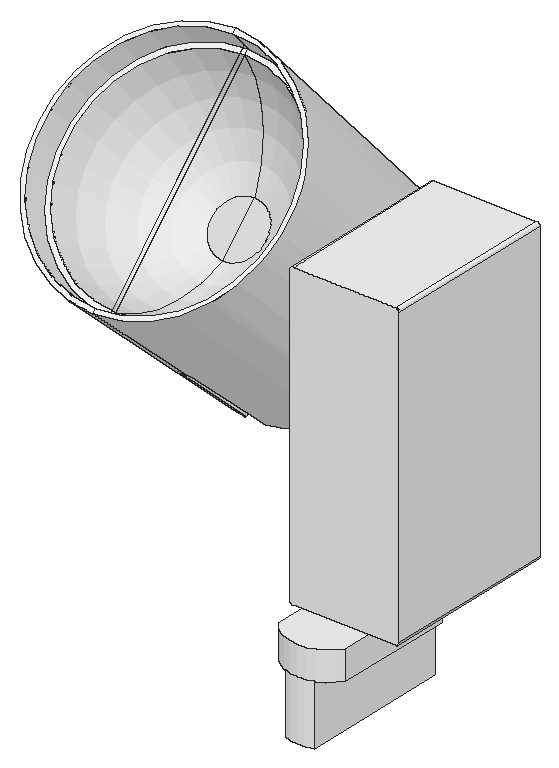
Revit family "0004834 Feilo Sylvania Lighting Fixture START TRACK SPOT L 55W 4K RA80 WB WHITE", category Lighting Fixtures, host Face, Revit 2017
Family settings
  Host = Face
  Round Connector Dimension = Use Diameter
  Part Type = Normal
  OmniClass Number = 23.80.70.00
  OmniClass Title = Lighting
  Cut with Voids When Loaded = No
  Light Source = No
  Shared = No
  Room Calculation Point = No
Parameters (values of type "0004834 START TRACK SPOT L 55W 4K RA80 WB WHITE")
  Weight = "1.398 kg"
  Wattage Comments = ""
  WarrantyStartDate [instance] = "n/a"
  WarrantyGuarantorParts = "n/a"
  WarrantyDurationUnit = "n/a"
  WarrantyDurationParts = "n/a"
  WarrantyDescription = "n/a"
  Voltage = 230 V
  URL = "http://www.sylvania-lighting.com"
  TypeName = "START TRACK SPOT L 55W 4K RA80 WB WHITE"
  TypeHead_FEILO = Start Track Spot Head : 0004834 START TRACK SPOT L 55W 4K RA80 WB WHITE
  TypeBox_FEILO = Start Track Spot Box : Type Large White
  Type Image = <None>
  Type Comments = "n/a"
  VerticalRotation_FEILO [instance] = 0.00°
  SlideEndAngle_FEILO [instance] = VerticalRotation_FEILO + 180.00°  # 180.00°
  SerialNumber [instance] = "n/a"
  Material_3_FEILO = none
  PowerFactor = 0.96
  PowerConsumption = "55 W"
  NominalLength = 0 mm
  NominalHeight = 240 mm
  NominalDepth = 164 mm
  Name = "START TRACK SPOT L 55W 4K RA80 WB WHITE"
  ModelReference = Name  # "START TRACK SPOT L 55W 4K RA80 WB WHITE"
  ModelNumber = "0004834"
  Model = Name  # "START TRACK SPOT L 55W 4K RA80 WB WHITE"
  Material = "adc12 aluminium housing, polycarbonate diffuser"
  ManufacturerName = "Feilo Sylvania"
  Manufacturer = "Feilo Sylvania"
  LuminousEfficacy = "97 lm/W"
  LuminaireType = ""
  LightOutputRatio = "100"
  LampsType = Lamp  # "LED"
  LampNominalLuminous = "5320 lm"
  LampMacAdamStep = "3"
  LampColourTemperature = "4000 K"
  LampColourRenderingIndex = "80"
  Lamp = "LED"
  Keynote = "16500"
  InstallationDate [instance] = "n/a"
  InputVoltage = "230-240V~"
  InputNominalFrequency = "50/60 Hz"
  IngressProtection = "IP20"
  ImpactProtectionIndex = "IK02"
  IfcExportType = "IfcLightFixtureType"
  IfcExportAs = "IfcLightFixtureType"
  HorizontalRotation_FEILO [instance] = 45.00°
  ExpectedLife = 50000
  ElectricShockClassification = "Class II"
  DurationUnit = "hours"
  DocumentationLiterature = "http://www.sylvania-lighting.com/product/en-int/products/0004834"
  DimmingControlOptions = "Non dimmable"
  Material_2_FEILO = none
  Description = "Integrated LED spotlight, Textured White - RAL9016, compact and minimalist design, ideal for retail applications, die-cast aluminium body, passive cooling heatsink. Beam angle: 52°, color temperature: 4000K , total system power: 55W, total fixture output: 5320 lm, LOR: 100%, colour rendering: Ra: 80 typical, LED Chromaticity: 3 step MacAdam ellipse, lifetime: >50000 hours at L70B50, energy class: A++, A+, A, IR/UV free light source without heat radiation, operating voltage: 220-240V / 50-60Hz, drive current: 1400mA, electronic driver, non-dimmable, power factor: 0.96, electrical protection: Class II, Global Track 3 Phase adapter suitable for Global trac 3-circuit tracks, ingress protection rating: IP20, suitable for internal environment only, horizontal rotation: 355°, vertical tilt: 90°, dimensions: Ø113x164x240, weight: 1.398kg."
  Default Elevation = 1219.2 mm
  CreatedOn = "12/12/2017"
  CreatedBy = ""
  Cost = 0
  built-in parameter 1114216 [instance] = (empty or 0)
  ClassificationValue = "EF_70_80"
  ClassificationName = "Uniclass2015"
  Material_1_FEILO = Body-Sylvania-StartTrackSpot-White
  BarCode [instance] = "n/a"
  AssetType = "Fixed"
  AssetIdentifier [instance] = "n/a"
  Assembly Code = "D5020200"
  Apparent Load = 55 VA
  Material_4_FEILO = none
Reference planes
  plane 1 "Center (Front/Back)": y = 0
  plane 2: z = 0
  plane 3 "Center (Left/Right)": x = 0
  plane 4: x = 15
  plane 5: x = -15
  plane 6: y = 35
  plane 7: y = -35
  plane 8: z = 13
  plane 9: z = -27
  plane 10: x = 6.5
  plane 11: x = -6.5
  plane 12: y = 27
  plane 13: y = -27
  plane 14: y = 20
Forms (mm)
  Extrusion 1, solid, material "Body-Sylvania-StartTrackSpot-White" <- "Material_1_FEILO"
    sketch origin (0, 0, 0) x (1, 0, 0) y (0, 1, 0)
      loop
        line (-15, 27) -> (-15, -27)
        arc (-15, -27) -> (0, -35) -> (15, -27) r 18.062
        line (15, -27) -> (15, 27)
        arc (15, 27) -> (0, 35) -> (-15, 27) r 18.062
    from 0 to 13
  Extrusion 2, solid, material "Body-Sylvania-StartTrackSpot-White" <- "Material_1_FEILO"
    sketch origin (0, 0, 0) x (1, 0, 0) y (0, 1, 0)
      loop
        arc (6.5, 33.79) -> (0, 35) -> (-6.5, 33.79) r 18.062
        line (-6.5, 33.79) -> (-6.5, -33.79)
        arc (-6.5, -33.79) -> (0, -35) -> (6.5, -33.79) r 18.062
        line (6.5, -33.79) -> (6.5, 33.79)
    from 0 to -27
  Revolve 3, solid, not visible
    sketch origin (1524, 20, 1219.2) x (1, 0, 0) y (0, 0, 1)
      loop
        line (-1524, -1206.2) -> (-1524, -1191.285) -> (-1530.5, -1191.285) -> (-1530.5, -1206.2) -> (-1524, -1206.2)
      axis (-1524, -1191.285) -> (-1524, -1206.2)
    angle from 0 <- "VerticalRotation_FEILO" to 180 <- "SlideEndAngle_FEILO"
Cuts and joins
  joined: Extrusion 1, Extrusion 2
Dimensions and locks
  equal spacing: plane 10, plane 3 "Center (Left/Right)", plane 11
  equal spacing: plane 4, plane 3 "Center (Left/Right)", plane 5
  locked: plane 8 to plane 2 at 13
  locked: plane 8 to plane 9 at 40
  equal spacing: plane 13, plane 1 "Center (Front/Back)", plane 12
  locked: plane 12 to plane 6 at 8
  locked: plane 14 to plane 6 at 15
  locked: Revolve 3 sketch curve to plane 8 at 14.915
  aligned and locked: plane 2 to host face
  aligned and locked: level to host face
  aligned and locked: plane 5 to Extrusion 1 sketch curve  (x2)
  aligned and locked: plane 12 to Extrusion 1 sketch curve
  aligned and locked: plane 13 to Extrusion 1 sketch curve
  aligned and locked: plane 4 to Extrusion 1 sketch curve
  aligned and locked: Extrusion 1 to plane 8
  aligned and locked: Extrusion 1 to level
  aligned and locked: Extrusion 2 sketch curve to Extrusion 1  (x2)
  aligned and locked: Extrusion 2 sketch curve to plane 11
  aligned and locked: plane 10 to Extrusion 2 sketch curve
  aligned and locked: plane 9 to Extrusion 2
  aligned and locked: level to Extrusion 2
  aligned and locked: Revolve 3 sketch curve to plane 3 "Center (Left/Right)"  (x2)
  aligned and locked: plane 11 to Revolve 3 sketch curve
  aligned and locked: Revolve 3 sketch curve to plane 8
Automatic sketch dimensions
  host sketch curve to host sketch curve = 2438.4 mm  (x2)
  Extrusion 1 sketch curve to plane 3 "Center (Left/Right)" = 0 mm  (x2)
  Extrusion 1 sketch curve to plane 13 = 10.062 mm
  plane 12 to Extrusion 1 sketch curve = 10.062 mm
  Revolve 3 sketch curve to plane 3 "Center (Left/Right)" = 0 mm
  plane 9 to Revolve 3 sketch curve = 582.6 mm
  Revolve 3 sketch curve to Revolve 3 sketch curve = 2581.144 mm
Nested families
  nested 1: "Start Track Spot Head" at (-75.5, 20, 133) x (0, 0.7071, 0.7071) z (0, 0.7071, -0.7071), type <- "TypeHead_FEILO", type "0004834 START TRACK SPOT L 55W 4K RA80 WB WHITE"
    with built-in parameter 1114216 (empty or 0)
  nested 2: "Start Track Spot Box" at (8.5, 20, 85) x (-1, 0, 0) z (0, -1, 0), BoxStartAngle_FEILO <- "HorizontalRotation_FEILO", type <- "TypeBox_FEILO", type "Type Large White"
    with BoxStartAngle_FEILO 45.00°, BoxEndAngle_FEILO -135.00°
Connectors
  electrical at (0, 0, 0), driven by "Apparent Load", driven by "PowerFactor", driven by "Voltage"
    settings: index 1, voltage 230 V, apparent load 55 VA, apparent load phase1 0 VA, apparent load phase2 0 VA, apparent load phase3 0 VA, power factor 0.96, load classification "Lighting", number of poles 1, system type 30, power factor state 1, is connector primary yes, connector utility no, sub classification motor no, connector description ""
Definition of nested family "Start Track Spot Head"
  Parameters (values of type "0004811 START TRACK SPOT S 14W 3K RA80 NB WHITE")
    Wattage Comments = "n/a"
    Wattage = 14 W
    built-in parameter 1150110 = 1 (stored number, unit not read)
    URL = "http://www.feilosylvania.com"
    Type Image = (empty or 0)
    Type Comments = "n/a"
    built-in parameter 1114217 = 1 (stored number, unit not read)
    Tilt Angle = -90.00°
    built-in parameter 1150109 = 1 (stored number, unit not read)
    built-in parameter 1150134 = (empty or 0)
    built-in parameter 1150113 = 1 (stored number, unit not read)
    Photometric Web File = "0004811.ies"
    Material_3_FEILO = none
    Model = "START TRACK SPOT S 14W 3K RA80 NB WHITE"
    Manufacturer = "Feilo Sylvania"
    built-in parameter 1150105 = 123.66 (stored number, unit not read)
    Lumens = 1554 lm
    built-in parameter 1150115 = 1 (stored number, unit not read)
    built-in parameter 1150137 = (empty or 0)
    built-in parameter 1150139 = (empty or 0)
    built-in parameter 1150112 = 1 (stored number, unit not read)
    built-in parameter 1150114 = 1 (stored number, unit not read)
    Lamp = "LED"
    Keynote = "16500"
    Material_2_FEILO = none
    built-in parameter 1150132 = (empty or 0)
    built-in parameter 1150102 = (empty or 0)
    built-in parameter 1150107 = 3000 (stored number, unit not read)
    built-in parameter 1150138 = (empty or 0)
    built-in parameter 1150106 = 1.2366 (stored number, unit not read)
    HeadThickness_FEILO = if(HeadDiaOut_FEILO > 112 mm, 2 mm, 1.5 mm)  # 1.5 mm
    HeadRibOffset_FEILO = HeadHeight_FEILO / 28  # 4.179 mm
    HeadRibDepth_FEILO = HeadHeight_FEILO / 2.1  # 55.714 mm
    HeadRibCutWidth_FEILO = HeadDiaOut_FEILO / 12  # 7.167 mm
    HeadRibCutOffset_FEILO = HeadHeight_FEILO / 2.3  # 50.87 mm
    HeadReflectorRadius_FEILO = HeadDiaOut_FEILO / 1.7  # 50.588 mm
    HeadReflectorOffset_FEILO = HeadHeight_FEILO / 2.1  # 55.714 mm
    HeadLEDRadius_FEILO = HeadDiaOut_FEILO / 9  # 9.556 mm
    HeadHeight_FEILO = 117 mm
    HeadDraft_FEILO = 1 mm
    HeadDiffusorThickness_FEILO = 3 mm
    HeadDiffusorOffset_FEILO = HeadHeight_FEILO / 12.4  # 9.435 mm
    HeadDiaOut_FEILO = 86 mm
    HeadDiaIn_FEILO = HeadDiaOut_FEILO / 1.11  # 77.477 mm
    HeadAxisFromTop_FEILO = HeadHeight_FEILO / 1.687  # 69.354 mm
    Emit from Circle Diameter = HeadDiaIn_FEILO  # 77.477 mm
    Emit Shape Visible in Rendering = no
    built-in parameter 1150104 = 10.312 (stored number, unit not read)
    Dimming Lamp Color Temperature Shift = (empty or 0)
    Description = "Integrated LED spotlight, Textured White - RAL9016, compact and minimalist design, ideal for retail applications, die-cast aluminium body, passive cooling heatsink. Beam angle: 12°, color temperature: 3000K , total system power: 14W, total fixture output: 1551 lm, LOR: 100%, colour rendering: Ra: 80 typical, LED Chromaticity: 3 step MacAdam ellipse, lifetime: >50000 hours at L70B50, energy class: A++, A+, A, IR/UV free light source without heat radiation, operating voltage: 220-240V / 50-60Hz, drive current: 350mA, electronic driver, non-dimmable, power factor: 0.92, electrical protection: Class II, Global Track 3 Phase adapter suitable for Global trac 3-circuit tracks, ingress protection rating: IP20, suitable for internal environment only, horizontal rotation: 355°, vertical tilt: 90°, dimensions: Ø86x140x200, weight: 0.940kg."
    Default Elevation = 1219.2 mm
    Cost = 0
    Color Filter = 16777215
    built-in parameter 1114216 [instance] = (empty or 0)
    Material_1_FEILO = none
    built-in parameter 1114218 = 1 (stored number, unit not read)
    built-in parameter 1150133 = 10 (stored number, unit not read)
    Assembly Code = "D5020200"
    Apparent Load = 14 VA
    Material_4_FEILO = none
  Types (96, lengths in mm): name | Wattage | built-in parameter 1150134 | Photometric Web File | Model | built-in parameter 1150105 | Lumens | built-in parameter 1150107 | built-in parameter 1150106 | HeadThickness_FEILO | HeadRibOffset_FEILO | HeadRibDepth_FEILO | HeadRibCutWidth_FEILO | HeadRibCutOffset_FEILO | HeadReflectorRadius_FEILO | HeadReflectorOffset_FEILO | HeadLEDRadius_FEILO | HeadHeight_FEILO | HeadDiffusorOffset_FEILO | HeadDiaOut_FEILO | HeadDiaIn_FEILO | HeadAxisFromTop_FEILO | Emit from Circle Diameter | built-in parameter 1150104 | Description | Apparent Load
    0004906 START TRACK SPOT L 55W 4K RA90 WB BLACK | 55 W | 12 | "0004906.ies" | "START TRACK SPOT L 55W 4K RA90 WB BLACK" | 385.15 (stored number, unit not read) | 4840 lm | 4000 (stored number, unit not read) | 3.8515 (stored number, unit not read) | 2 | 4.429 | 59.048 | 9.417 | 53.913 | 66.471 | 59.048 | 12.556 | 124 | 10 | 113 | 101.802 | 73.503 | 101.802 | 8.1755 (stored number, unit not read) | "Integrated LED spotlight, Textured Black - RAL9005, compact and minimalist design, ideal for retail applications, die-cast aluminium body, passive cooling heatsink. Beam angle: 52°, color temperature: 4000K , total system power: 55W, total fixture output: 4824 lm, LOR: 100%, colour rendering: Ra: 90 typical, LED Chromaticity: 3 step MacAdam ellipse, lifetime: >50000 hours at L70B50, energy class: A++, A+, A, IR/UV free light source without heat radiation, operating voltage: 220-240V / 50-60Hz, drive current: 1400mA, electronic driver, non-dimmable, power factor: 0.96, electrical protection: Class II, Global Track 3 Phase adapter suitable for Global trac 3-circuit tracks, ingress protection rating: IP20, suitable for internal environment only, horizontal rotation: 355°, vertical tilt: 90°, dimensions: Ø113x164x240, weight: 1.398kg." | 55 VA
    0004905 START TRACK SPOT L 55W 4K RA90 MB BLACK | 55 W | 12 | "0004905.ies" | "START TRACK SPOT L 55W 4K RA90 MB BLACK" | 389.53 (stored number, unit not read) | 4895 lm | 4000 (stored number, unit not read) | 3.8953 (stored number, unit not read) | 2 | 4.429 | 59.048 | 9.417 | 53.913 | 66.471 | 59.048 | 12.556 | 124 | 10 | 113 | 101.802 | 73.503 | 101.802 | 8.2684 (stored number, unit not read) | "Integrated LED spotlight, Textured Black - RAL9005, compact and minimalist design, ideal for retail applications, die-cast aluminium body, passive cooling heatsink. Beam angle: 38°, color temperature: 4000K , total system power: 55W, total fixture output: 4897 lm, LOR: 100%, colour rendering: Ra: 90 typical, LED Chromaticity: 3 step MacAdam ellipse, lifetime: >50000 hours at L70B50, energy class: A++, A+, A, IR/UV free light source without heat radiation, operating voltage: 220-240V / 50-60Hz, drive current: 1400mA, electronic driver, non-dimmable, power factor: 0.96, electrical protection: Class II, Global Track 3 Phase adapter suitable for Global trac 3-circuit tracks, ingress protection rating: IP20, suitable for internal environment only, horizontal rotation: 355°, vertical tilt: 90°, dimensions: Ø113x164x240, weight: 1.398kg." | 55 VA
    0004904 START TRACK SPOT L 55W 4K RA90 NB BLACK | 55 W | 12 | "0004904.ies" | "START TRACK SPOT L 55W 4K RA90 NB BLACK" | 393.91 (stored number, unit not read) | 4950 lm | 4000 (stored number, unit not read) | 3.9391 (stored number, unit not read) | 2 | 4.429 | 59.048 | 9.417 | 53.913 | 66.471 | 59.048 | 12.556 | 124 | 10 | 113 | 101.802 | 73.503 | 101.802 | 8.3613 (stored number, unit not read) | "Integrated LED spotlight, Textured Black - RAL9005, compact and minimalist design, ideal for retail applications, die-cast aluminium body, passive cooling heatsink. Beam angle: 15°, color temperature: 4000K , total system power: 55W, total fixture output: 4965 lm, LOR: 100%, colour rendering: Ra: 90 typical, LED Chromaticity: 3 step MacAdam ellipse, lifetime: >50000 hours at L70B50, energy class: A++, A+, A, IR/UV free light source without heat radiation, operating voltage: 220-240V / 50-60Hz, drive current: 1400mA, electronic driver, non-dimmable, power factor: 0.96, electrical protection: Class II, Global Track 3 Phase adapter suitable for Global trac 3-circuit tracks, ingress protection rating: IP20, suitable for internal environment only, horizontal rotation: 355°, vertical tilt: 90°, dimensions: Ø113x164x240, weight: 1.398kg." | 55 VA
    0004903 START TRACK SPOT L 35W 4K RA90 WB BLACK | 35 W | 12 | "0004903.ies" | "START TRACK SPOT L 35W 4K RA90 WB BLACK" | 284.09 (stored number, unit not read) | 3570 lm | 4000 (stored number, unit not read) | 2.8409 (stored number, unit not read) | 2 | 4.429 | 59.048 | 9.417 | 53.913 | 66.471 | 59.048 | 12.556 | 124 | 10 | 113 | 101.802 | 73.503 | 101.802 | 9.4761 (stored number, unit not read) | "Integrated LED spotlight, Textured Black - RAL9005, compact and minimalist design, ideal for retail applications, die-cast aluminium body, passive cooling heatsink. Beam angle: 52°, color temperature: 4000K , total system power: 35W, total fixture output: 3562 lm, LOR: 100%, colour rendering: Ra: 90 typical, LED Chromaticity: 3 step MacAdam ellipse, lifetime: >50000 hours at L70B50, energy class: A++, A+, A, IR/UV free light source without heat radiation, operating voltage: 220-240V / 50-60Hz, drive current: 900mA, electronic driver, non-dimmable, power factor: 0.93, electrical protection: Class II, Global Track 3 Phase adapter suitable for Global trac 3-circuit tracks, ingress protection rating: IP20, suitable for internal environment only, horizontal rotation: 355°, vertical tilt: 90°, dimensions: Ø113x164x240, weight: 1.368kg." | 35 VA
    0004902 START TRACK SPOT L 35W 4K RA90 MB BLACK | 35 W | 12 | "0004902.ies" | "START TRACK SPOT L 35W 4K RA90 MB BLACK" | 286.88 (stored number, unit not read) | 3605 lm | 4000 (stored number, unit not read) | 2.8688 (stored number, unit not read) | 2 | 4.429 | 59.048 | 9.417 | 53.913 | 66.471 | 59.048 | 12.556 | 124 | 10 | 113 | 101.802 | 73.503 | 101.802 | 9.569 (stored number, unit not read) | "Integrated LED spotlight, Textured Black - RAL9005, compact and minimalist design, ideal for retail applications, die-cast aluminium body, passive cooling heatsink. Beam angle: 38°, color temperature: 4000K , total system power: 35W, total fixture output: 3616 lm, LOR: 100%, colour rendering: Ra: 90 typical, LED Chromaticity: 3 step MacAdam ellipse, lifetime: >50000 hours at L70B50, energy class: A++, A+, A, IR/UV free light source without heat radiation, operating voltage: 220-240V / 50-60Hz, drive current: 900mA, electronic driver, non-dimmable, power factor: 0.93, electrical protection: Class II, Global Track 3 Phase adapter suitable for Global trac 3-circuit tracks, ingress protection rating: IP20, suitable for internal environment only, horizontal rotation: 355°, vertical tilt: 90°, dimensions: Ø113x164x240, weight: 1.368kg." | 35 VA
    0004901 START TRACK SPOT L 35W 4K RA90 NB BLACK | 35 W | 12 | "0004901.ies" | "START TRACK SPOT L 35W 4K RA90 NB BLACK" | 286.88 (stored number, unit not read) | 3605 lm | 4000 (stored number, unit not read) | 2.8688 (stored number, unit not read) | 2 | 4.429 | 59.048 | 9.417 | 53.913 | 66.471 | 59.048 | 12.556 | 124 | 10 | 113 | 101.802 | 73.503 | 101.802 | 9.569 (stored number, unit not read) | "Integrated LED spotlight, Textured Black - RAL9005, compact and minimalist design, ideal for retail applications, die-cast aluminium body, passive cooling heatsink. Beam angle: 15°, color temperature: 4000K , total system power: 35W, total fixture output: 3593 lm, LOR: 100%, colour rendering: Ra: 90 typical, LED Chromaticity: 3 step MacAdam ellipse, lifetime: >50000 hours at L70B50, energy class: A++, A+, A, IR/UV free light source without heat radiation, operating voltage: 220-240V / 50-60Hz, drive current: 900mA, electronic driver, non-dimmable, power factor: 0.93, electrical protection: Class II, Global Track 3 Phase adapter suitable for Global trac 3-circuit tracks, ingress protection rating: IP20, suitable for internal environment only, horizontal rotation: 355°, vertical tilt: 90°, dimensions: Ø113x164x240, weight: 1.368kg." | 35 VA
    0004900 START TRACK SPOT S 24W 4K RA90 WB BLACK | 24 W | 12 | "0004900.ies" | "START TRACK SPOT S 24W 4K RA90 WB BLACK" | 166.16 (stored number, unit not read) | 2088 lm | 4000 (stored number, unit not read) | 1.6616 (stored number, unit not read) | 1.5 | 4.179 | 55.714 | 7.167 | 50.87 | 50.588 | 55.714 | 9.556 | 117 | 9.435 | 86 | 77.477 | 69.354 | 77.477 | 8.0826 (stored number, unit not read) | "Integrated LED spotlight, Textured Black - RAL9005, compact and minimalist design, ideal for retail applications, die-cast aluminium body, passive cooling heatsink. Beam angle: 64°, color temperature: 4000K , total system power: 24W, total fixture output: 2087 lm, LOR: 100%, colour rendering: Ra: 90 typical, LED Chromaticity: 3 step MacAdam ellipse, lifetime: >50000 hours at L70B50, energy class: A++, A+, A, IR/UV free light source without heat radiation, operating voltage: 220-240V / 50-60Hz, drive current: 600mA, electronic driver, non-dimmable, power factor: 0.95, electrical protection: Class II, Global Track 3 Phase adapter suitable for Global trac 3-circuit tracks, ingress protection rating: IP20, suitable for internal environment only, horizontal rotation: 355°, vertical tilt: 90°, dimensions: Ø86x140x200, weight: 0.966kg." | 24 VA
    0004899 START TRACK SPOT S 24W 4K RA90 MB BLACK | 24 W | 12 | "0004899.ies" | "START TRACK SPOT S 24W 4K RA90 MB BLACK" | 169.98 (stored number, unit not read) | 2136 lm | 4000 (stored number, unit not read) | 1.6998 (stored number, unit not read) | 1.5 | 4.179 | 55.714 | 7.167 | 50.87 | 50.588 | 55.714 | 9.556 | 117 | 9.435 | 86 | 77.477 | 69.354 | 77.477 | 8.2684 (stored number, unit not read) | "Integrated LED spotlight, Textured Black - RAL9005, compact and minimalist design, ideal for retail applications, die-cast aluminium body, passive cooling heatsink. Beam angle: 36°, color temperature: 4000K , total system power: 24W, total fixture output: 2141 lm, LOR: 100%, colour rendering: Ra: 90 typical, LED Chromaticity: 3 step MacAdam ellipse, lifetime: >50000 hours at L70B50, energy class: A++, A+, A, IR/UV free light source without heat radiation, operating voltage: 220-240V / 50-60Hz, drive current: 600mA, electronic driver, non-dimmable, power factor: 0.95, electrical protection: Class II, Global Track 3 Phase adapter suitable for Global trac 3-circuit tracks, ingress protection rating: IP20, suitable for internal environment only, horizontal rotation: 355°, vertical tilt: 90°, dimensions: Ø86x140x200, weight: 0.966kg." | 24 VA
    0004898 START TRACK SPOT S 24W 4K RA90 NB BLACK | 24 W | 12 | "0004898.ies" | "START TRACK SPOT S 24W 4K RA90 NB BLACK" | 171.89 (stored number, unit not read) | 2160 lm | 4000 (stored number, unit not read) | 1.7189 (stored number, unit not read) | 1.5 | 4.179 | 55.714 | 7.167 | 50.87 | 50.588 | 55.714 | 9.556 | 117 | 9.435 | 86 | 77.477 | 69.354 | 77.477 | 8.3613 (stored number, unit not read) | "Integrated LED spotlight, Textured Black - RAL9005, compact and minimalist design, ideal for retail applications, die-cast aluminium body, passive cooling heatsink. Beam angle: 12°, color temperature: 4000K , total system power: 24W, total fixture output: 2155 lm, LOR: 100%, colour rendering: Ra: 90 typical, LED Chromaticity: 3 step MacAdam ellipse, lifetime: >50000 hours at L70B50, energy class: A++, A+, A, IR/UV free light source without heat radiation, operating voltage: 220-240V / 50-60Hz, drive current: 600mA, electronic driver, non-dimmable, power factor: 0.95, electrical protection: Class II, Global Track 3 Phase adapter suitable for Global trac 3-circuit tracks, ingress protection rating: IP20, suitable for internal environment only, horizontal rotation: 355°, vertical tilt: 90°, dimensions: Ø86x140x200, weight: 0.966kg." | 24 VA
    0004897 START TRACK SPOT S 14W 4K RA90 WB BLACK | 14 W | 12 | "0004897.ies" | "START TRACK SPOT S 14W 4K RA90 WB BLACK" | 108.07 (stored number, unit not read) | 1358 lm | 4000 (stored number, unit not read) | 1.0807 (stored number, unit not read) | 1.5 | 4.179 | 55.714 | 7.167 | 50.87 | 50.588 | 55.714 | 9.556 | 117 | 9.435 | 86 | 77.477 | 69.354 | 77.477 | 9.0116 (stored number, unit not read) | "Integrated LED spotlight, Textured Black - RAL9005, compact and minimalist design, ideal for retail applications, die-cast aluminium body, passive cooling heatsink. Beam angle: 64°, color temperature: 4000K , total system power: 14W, total fixture output: 1352 lm, LOR: 100%, colour rendering: Ra: 90 typical, LED Chromaticity: 3 step MacAdam ellipse, lifetime: >50000 hours at L70B50, energy class: A++, A+, A, IR/UV free light source without heat radiation, operating voltage: 220-240V / 50-60Hz, drive current: 350mA, electronic driver, non-dimmable, power factor: 0.92, electrical protection: Class II, Global Track 3 Phase adapter suitable for Global trac 3-circuit tracks, ingress protection rating: IP20, suitable for internal environment only, horizontal rotation: 355°, vertical tilt: 90°, dimensions: Ø86x140x200, weight: 0.940kg." | 14 VA
    0004896 START TRACK SPOT S 14W 4K RA90 MB BLACK | 14 W | 12 | "0004896.ies" | "START TRACK SPOT S 14W 4K RA90 MB BLACK" | 108.07 (stored number, unit not read) | 1358 lm | 4000 (stored number, unit not read) | 1.0807 (stored number, unit not read) | 1.5 | 4.179 | 55.714 | 7.167 | 50.87 | 50.588 | 55.714 | 9.556 | 117 | 9.435 | 86 | 77.477 | 69.354 | 77.477 | 9.0116 (stored number, unit not read) | "Integrated LED spotlight, Textured Black - RAL9005, compact and minimalist design, ideal for retail applications, die-cast aluminium body, passive cooling heatsink. Beam angle: 36°, color temperature: 4000K , total system power: 14W, total fixture output: 1359 lm, LOR: 100%, colour rendering: Ra: 90 typical, LED Chromaticity: 3 step MacAdam ellipse, lifetime: >50000 hours at L70B50, energy class: A++, A+, A, IR/UV free light source without heat radiation, operating voltage: 220-240V / 50-60Hz, drive current: 350mA, electronic driver, non-dimmable, power factor: 0.92, electrical protection: Class II, Global Track 3 Phase adapter suitable for Global trac 3-circuit tracks, ingress protection rating: IP20, suitable for internal environment only, horizontal rotation: 355°, vertical tilt: 90°, dimensions: Ø86x140x200, weight: 0.940kg." | 14 VA
    0004895 START TRACK SPOT S 14W 4K RA90 NB BLACK | 14 W | 12 | "0004895.ies" | "START TRACK SPOT S 14W 4K RA90 NB BLACK" | 106.95 (stored number, unit not read) | 1344 lm | 4000 (stored number, unit not read) | 1.0695 (stored number, unit not read) | 1.5 | 4.179 | 55.714 | 7.167 | 50.87 | 50.588 | 55.714 | 9.556 | 117 | 9.435 | 86 | 77.477 | 69.354 | 77.477 | 8.9187 (stored number, unit not read) | "Integrated LED spotlight, Textured Black - RAL9005, compact and minimalist design, ideal for retail applications, die-cast aluminium body, passive cooling heatsink. Beam angle: 12°, color temperature: 4000K , total system power: 14W, total fixture output: 1349 lm, LOR: 100%, colour rendering: Ra: 90 typical, LED Chromaticity: 3 step MacAdam ellipse, lifetime: >50000 hours at L70B50, energy class: A++, A+, A, IR/UV free light source without heat radiation, operating voltage: 220-240V / 50-60Hz, drive current: 350mA, electronic driver, non-dimmable, power factor: 0.92, electrical protection: Class II, Global Track 3 Phase adapter suitable for Global trac 3-circuit tracks, ingress protection rating: IP20, suitable for internal environment only, horizontal rotation: 355°, vertical tilt: 90°, dimensions: Ø86x140x200, weight: 0.940kg." | 14 VA
    0004894 START TRACK SPOT L 55W 3K RA90 WB BLACK | 55 W | (empty or 0) | "0004894.ies" | "START TRACK SPOT L 55W 3K RA90 WB BLACK" | 350.14 (stored number, unit not read) | 4400 lm | 3000 (stored number, unit not read) | 3.5014 (stored number, unit not read) | 2 | 4.429 | 59.048 | 9.417 | 53.913 | 66.471 | 59.048 | 12.556 | 124 | 10 | 113 | 101.802 | 73.503 | 101.802 | 7.4322 (stored number, unit not read) | "Integrated LED spotlight, Textured Black - RAL9005, compact and minimalist design, ideal for retail applications, die-cast aluminium body, passive cooling heatsink. Beam angle: 52°, color temperature: 3000K , total system power: 55W, total fixture output: 4405 lm, LOR: 100%, colour rendering: Ra: 90 typical, LED Chromaticity: 3 step MacAdam ellipse, lifetime: >50000 hours at L70B50, energy class: A++, A+, A, IR/UV free light source without heat radiation, operating voltage: 220-240V / 50-60Hz, drive current: 1400mA, electronic driver, non-dimmable, power factor: 0.96, electrical protection: Class II, Global Track 3 Phase adapter suitable for Global trac 3-circuit tracks, ingress protection rating: IP20, suitable for internal environment only, horizontal rotation: 355°, vertical tilt: 90°, dimensions: Ø113x164x240, weight: 1.398kg." | 55 VA
    0004893 START TRACK SPOT L 55W 3K RA90 MB BLACK | 55 W | (empty or 0) | "0004893.ies" | "START TRACK SPOT L 55W 3K RA90 MB BLACK" | 354.52 (stored number, unit not read) | 4455 lm | 3000 (stored number, unit not read) | 3.5452 (stored number, unit not read) | 2 | 4.429 | 59.048 | 9.417 | 53.913 | 66.471 | 59.048 | 12.556 | 124 | 10 | 113 | 101.802 | 73.503 | 101.802 | 7.5251 (stored number, unit not read) | "Integrated LED spotlight, Textured Black - RAL9005, compact and minimalist design, ideal for retail applications, die-cast aluminium body, passive cooling heatsink. Beam angle: 38°, color temperature: 3000K , total system power: 55W, total fixture output: 4448 lm, LOR: 100%, colour rendering: Ra: 90 typical, LED Chromaticity: 3 step MacAdam ellipse, lifetime: >50000 hours at L70B50, energy class: A++, A+, A, IR/UV free light source without heat radiation, operating voltage: 220-240V / 50-60Hz, drive current: 1400mA, electronic driver, non-dimmable, power factor: 0.96, electrical protection: Class II, Global Track 3 Phase adapter suitable for Global trac 3-circuit tracks, ingress protection rating: IP20, suitable for internal environment only, horizontal rotation: 355°, vertical tilt: 90°, dimensions: Ø113x164x240, weight: 1.398kg." | 55 VA
    0004892 START TRACK SPOT L 55W 3K RA90 NB BLACK | 55 W | (empty or 0) | "0004892.ies" | "START TRACK SPOT L 55W 3K RA90 NB BLACK" | 350.14 (stored number, unit not read) | 4400 lm | 3000 (stored number, unit not read) | 3.5014 (stored number, unit not read) | 2 | 4.429 | 59.048 | 9.417 | 53.913 | 66.471 | 59.048 | 12.556 | 124 | 10 | 113 | 101.802 | 73.503 | 101.802 | 7.4322 (stored number, unit not read) | "Integrated LED spotlight, Textured Black - RAL9005, compact and minimalist design, ideal for retail applications, die-cast aluminium body, passive cooling heatsink. Beam angle: 15°, color temperature: 3000K , total system power: 55W, total fixture output: 4416 lm, LOR: 100%, colour rendering: Ra: 90 typical, LED Chromaticity: 3 step MacAdam ellipse, lifetime: >50000 hours at L70B50, energy class: A++, A+, A, IR/UV free light source without heat radiation, operating voltage: 220-240V / 50-60Hz, drive current: 1400mA, electronic driver, non-dimmable, power factor: 0.96, electrical protection: Class II, Global Track 3 Phase adapter suitable for Global trac 3-circuit tracks, ingress protection rating: IP20, suitable for internal environment only, horizontal rotation: 355°, vertical tilt: 90°, dimensions: Ø113x164x240, weight: 1.398kg." | 55 VA
    0004891 START TRACK SPOT L 35W 3K RA90 WB BLACK | 35 W | (empty or 0) | "0004891.ies" | "START TRACK SPOT L 35W 3K RA90 WB BLACK" | 259.02 (stored number, unit not read) | 3255 lm | 3000 (stored number, unit not read) | 2.5902 (stored number, unit not read) | 2 | 4.429 | 59.048 | 9.417 | 53.913 | 66.471 | 59.048 | 12.556 | 124 | 10 | 113 | 101.802 | 73.503 | 101.802 | 8.64 (stored number, unit not read) | "Integrated LED spotlight, Textured Black - RAL9005, compact and minimalist design, ideal for retail applications, die-cast aluminium body, passive cooling heatsink. Beam angle: 52°, color temperature: 3000K , total system power: 35W, total fixture output: 3260 lm, LOR: 100%, colour rendering: Ra: 90 typical, LED Chromaticity: 3 step MacAdam ellipse, lifetime: >50000 hours at L70B50, energy class: A++, A+, A, IR/UV free light source without heat radiation, operating voltage: 220-240V / 50-60Hz, drive current: 900mA, electronic driver, non-dimmable, power factor: 0.93, electrical protection: Class II, Global Track 3 Phase adapter suitable for Global trac 3-circuit tracks, ingress protection rating: IP20, suitable for internal environment only, horizontal rotation: 355°, vertical tilt: 90°, dimensions: Ø113x164x240, weight: 1.368kg." | 35 VA
    0004890 START TRACK SPOT L 35W 3K RA90 MB BLACK | 35 W | (empty or 0) | "0004890.ies" | "START TRACK SPOT L 35W 3K RA90 MB BLACK" | 261.81 (stored number, unit not read) | 3290 lm | 3000 (stored number, unit not read) | 2.6181 (stored number, unit not read) | 2 | 4.429 | 59.048 | 9.417 | 53.913 | 66.471 | 59.048 | 12.556 | 124 | 10 | 113 | 101.802 | 73.503 | 101.802 | 8.7329 (stored number, unit not read) | "Integrated LED spotlight, Textured Black - RAL9005, compact and minimalist design, ideal for retail applications, die-cast aluminium body, passive cooling heatsink. Beam angle: 38°, color temperature: 3000K , total system power: 35W, total fixture output: 3306 lm, LOR: 100%, colour rendering: Ra: 90 typical, LED Chromaticity: 3 step MacAdam ellipse, lifetime: >50000 hours at L70B50, energy class: A++, A+, A, IR/UV free light source without heat radiation, operating voltage: 220-240V / 50-60Hz, drive current: 900mA, electronic driver, non-dimmable, power factor: 0.93, electrical protection: Class II, Global Track 3 Phase adapter suitable for Global trac 3-circuit tracks, ingress protection rating: IP20, suitable for internal environment only, horizontal rotation: 355°, vertical tilt: 90°, dimensions: Ø113x164x240, weight: 1.368kg." | 35 VA
    0004889 START TRACK SPOT L 35W 3K RA90 NB BLACK | 35 W | (empty or 0) | "0004889.ies" | "START TRACK SPOT L 35W 3K RA90 NB BLACK" | 261.81 (stored number, unit not read) | 3290 lm | 3000 (stored number, unit not read) | 2.6181 (stored number, unit not read) | 2 | 4.429 | 59.048 | 9.417 | 53.913 | 66.471 | 59.048 | 12.556 | 124 | 10 | 113 | 101.802 | 73.503 | 101.802 | 8.7329 (stored number, unit not read) | "Integrated LED spotlight, Textured Black - RAL9005, compact and minimalist design, ideal for retail applications, die-cast aluminium body, passive cooling heatsink. Beam angle: 15°, color temperature: 3000K , total system power: 35W, total fixture output: 3287 lm, LOR: 100%, colour rendering: Ra: 90 typical, LED Chromaticity: 3 step MacAdam ellipse, lifetime: >50000 hours at L70B50, energy class: A++, A+, A, IR/UV free light source without heat radiation, operating voltage: 220-240V / 50-60Hz, drive current: 900mA, electronic driver, non-dimmable, power factor: 0.93, electrical protection: Class II, Global Track 3 Phase adapter suitable for Global trac 3-circuit tracks, ingress protection rating: IP20, suitable for internal environment only, horizontal rotation: 355°, vertical tilt: 90°, dimensions: Ø113x164x240, weight: 1.368kg." | 35 VA
    0004888 START TRACK SPOT S 24W 3K RA90 WB BLACK | 24 W | (empty or 0) | "0004888.ies" | "START TRACK SPOT S 24W 3K RA90 WB BLACK" | 152.79 (stored number, unit not read) | 1920 lm | 3000 (stored number, unit not read) | 1.5279 (stored number, unit not read) | 1.5 | 4.179 | 55.714 | 7.167 | 50.87 | 50.588 | 55.714 | 9.556 | 117 | 9.435 | 86 | 77.477 | 69.354 | 77.477 | 7.4322 (stored number, unit not read) | "Integrated LED spotlight, Textured Black - RAL9005, compact and minimalist design, ideal for retail applications, die-cast aluminium body, passive cooling heatsink. Beam angle: 64°, color temperature: 3000K , total system power: 24W, total fixture output: 1928 lm, LOR: 100%, colour rendering: Ra: 90 typical, LED Chromaticity: 3 step MacAdam ellipse, lifetime: >50000 hours at L70B50, energy class: A++, A+, A, IR/UV free light source without heat radiation, operating voltage: 220-240V / 50-60Hz, drive current: 600mA, electronic driver, non-dimmable, power factor: 0.95, electrical protection: Class II, Global Track 3 Phase adapter suitable for Global trac 3-circuit tracks, ingress protection rating: IP20, suitable for internal environment only, horizontal rotation: 355°, vertical tilt: 90°, dimensions: Ø86x140x200, weight: 0.966kg." | 24 VA
    0004887 START TRACK SPOT S 24W 3K RA90 MB BLACK | 24 W | (empty or 0) | "0004887.ies" | "START TRACK SPOT S 24W 3K RA90 MB BLACK" | 154.7 (stored number, unit not read) | 1944 lm | 3000 (stored number, unit not read) | 1.547 (stored number, unit not read) | 1.5 | 4.179 | 55.714 | 7.167 | 50.87 | 50.588 | 55.714 | 9.556 | 117 | 9.435 | 86 | 77.477 | 69.354 | 77.477 | 7.5251 (stored number, unit not read) | "Integrated LED spotlight, Textured Black - RAL9005, compact and minimalist design, ideal for retail applications, die-cast aluminium body, passive cooling heatsink. Beam angle: 36°, color temperature: 3000K , total system power: 24W, total fixture output: 1944 lm, LOR: 100%, colour rendering: Ra: 90 typical, LED Chromaticity: 3 step MacAdam ellipse, lifetime: >50000 hours at L70B50, energy class: A++, A+, A, IR/UV free light source without heat radiation, operating voltage: 220-240V / 50-60Hz, drive current: 600mA, electronic driver, non-dimmable, power factor: 0.95, electrical protection: Class II, Global Track 3 Phase adapter suitable for Global trac 3-circuit tracks, ingress protection rating: IP20, suitable for internal environment only, horizontal rotation: 355°, vertical tilt: 90°, dimensions: Ø86x140x200, weight: 0.966kg." | 24 VA
    0004886 START TRACK SPOT S 24W 3K RA90 NB BLACK | 24 W | (empty or 0) | "0004886.ies" | "START TRACK SPOT S 24W 3K RA90 NB BLACK" | 158.52 (stored number, unit not read) | 1992 lm | 3000 (stored number, unit not read) | 1.5852 (stored number, unit not read) | 1.5 | 4.179 | 55.714 | 7.167 | 50.87 | 50.588 | 55.714 | 9.556 | 117 | 9.435 | 86 | 77.477 | 69.354 | 77.477 | 7.711 (stored number, unit not read) | "Integrated LED spotlight, Textured Black - RAL9005, compact and minimalist design, ideal for retail applications, die-cast aluminium body, passive cooling heatsink. Beam angle: 12°, color temperature: 3000K , total system power: 24W, total fixture output: 1987 lm, LOR: 100%, colour rendering: Ra: 90 typical, LED Chromaticity: 3 step MacAdam ellipse, lifetime: >50000 hours at L70B50, energy class: A++, A+, A, IR/UV free light source without heat radiation, operating voltage: 220-240V / 50-60Hz, drive current: 600mA, electronic driver, non-dimmable, power factor: 0.95, electrical protection: Class II, Global Track 3 Phase adapter suitable for Global trac 3-circuit tracks, ingress protection rating: IP20, suitable for internal environment only, horizontal rotation: 355°, vertical tilt: 90°, dimensions: Ø86x140x200, weight: 0.966kg." | 24 VA
    0004885 START TRACK SPOT S 14W 3K RA90 WB BLACK | 14 W | (empty or 0) | "0004885.ies" | "START TRACK SPOT S 14W 3K RA90 WB BLACK" | 100.27 (stored number, unit not read) | 1260 lm | 3000 (stored number, unit not read) | 1.0027 (stored number, unit not read) | 1.5 | 4.179 | 55.714 | 7.167 | 50.87 | 50.588 | 55.714 | 9.556 | 117 | 9.435 | 86 | 77.477 | 69.354 | 77.477 | 8.3613 (stored number, unit not read) | "Integrated LED spotlight, Textured Black - RAL9005, compact and minimalist design, ideal for retail applications, die-cast aluminium body, passive cooling heatsink. Beam angle: 64°, color temperature: 3000K , total system power: 14W, total fixture output: 1262 lm, LOR: 100%, colour rendering: Ra: 90 typical, LED Chromaticity: 3 step MacAdam ellipse, lifetime: >50000 hours at L70B50, energy class: A++, A+, A, IR/UV free light source without heat radiation, operating voltage: 220-240V / 50-60Hz, drive current: 350mA, electronic driver, non-dimmable, power factor: 0.92, electrical protection: Class II, Global Track 3 Phase adapter suitable for Global trac 3-circuit tracks, ingress protection rating: IP20, suitable for internal environment only, horizontal rotation: 355°, vertical tilt: 90°, dimensions: Ø86x140x200, weight: 0.940kg." | 14 VA
    0004884 START TRACK SPOT S 14W 3K RA90 MB BLACK | 14 W | (empty or 0) | "0004884.ies" | "START TRACK SPOT S 14W 3K RA90 MB BLACK" | 100.27 (stored number, unit not read) | 1260 lm | 3000 (stored number, unit not read) | 1.0027 (stored number, unit not read) | 1.5 | 4.179 | 55.714 | 7.167 | 50.87 | 50.588 | 55.714 | 9.556 | 117 | 9.435 | 86 | 77.477 | 69.354 | 77.477 | 8.3613 (stored number, unit not read) | "Integrated LED spotlight, Textured Black - RAL9005, compact and minimalist design, ideal for retail applications, die-cast aluminium body, passive cooling heatsink. Beam angle: 36°, color temperature: 3000K , total system power: 14W, total fixture output: 1262 lm, LOR: 100%, colour rendering: Ra: 90 typical, LED Chromaticity: 3 step MacAdam ellipse, lifetime: >50000 hours at L70B50, energy class: A++, A+, A, IR/UV free light source without heat radiation, operating voltage: 220-240V / 50-60Hz, drive current: 350mA, electronic driver, non-dimmable, power factor: 0.92, electrical protection: Class II, Global Track 3 Phase adapter suitable for Global trac 3-circuit tracks, ingress protection rating: IP20, suitable for internal environment only, horizontal rotation: 355°, vertical tilt: 90°, dimensions: Ø86x140x200, weight: 0.940kg." | 14 VA
    0004883 START TRACK SPOT S 14W 3K RA90 NB BLACK | 14 W | (empty or 0) | "0004883.ies" | "START TRACK SPOT S 14W 3K RA90 NB BLACK" | 102.5 (stored number, unit not read) | 1288 lm | 3000 (stored number, unit not read) | 1.025 (stored number, unit not read) | 1.5 | 4.179 | 55.714 | 7.167 | 50.87 | 50.588 | 55.714 | 9.556 | 117 | 9.435 | 86 | 77.477 | 69.354 | 77.477 | 8.5471 (stored number, unit not read) | "Integrated LED spotlight, Textured Black - RAL9005, compact and minimalist design, ideal for retail applications, die-cast aluminium body, passive cooling heatsink. Beam angle: 12°, color temperature: 3000K , total system power: 14W, total fixture output: 1284 lm, LOR: 100%, colour rendering: Ra: 90 typical, LED Chromaticity: 3 step MacAdam ellipse, lifetime: >50000 hours at L70B50, energy class: A++, A+, A, IR/UV free light source without heat radiation, operating voltage: 220-240V / 50-60Hz, drive current: 350mA, electronic driver, non-dimmable, power factor: 0.92, electrical protection: Class II, Global Track 3 Phase adapter suitable for Global trac 3-circuit tracks, ingress protection rating: IP20, suitable for internal environment only, horizontal rotation: 355°, vertical tilt: 90°, dimensions: Ø86x140x200, weight: 0.940kg." | 14 VA
    0004882 START TRACK SPOT L 55W 4K RA90 WB WHITE | 55 W | 12 | "0004882.ies" | "START TRACK SPOT L 55W 4K RA90 WB WHITE" | 385.15 (stored number, unit not read) | 4840 lm | 4000 (stored number, unit not read) | 3.8515 (stored number, unit not read) | 2 | 4.429 | 59.048 | 9.417 | 53.913 | 66.471 | 59.048 | 12.556 | 124 | 10 | 113 | 101.802 | 73.503 | 101.802 | 8.1755 (stored number, unit not read) | "Integrated LED spotlight, Textured White - RAL9016, compact and minimalist design, ideal for retail applications, die-cast aluminium body, passive cooling heatsink. Beam angle: 52°, color temperature: 4000K , total system power: 55W, total fixture output: 4824 lm, LOR: 100%, colour rendering: Ra: 90 typical, LED Chromaticity: 3 step MacAdam ellipse, lifetime: >50000 hours at L70B50, energy class: A++, A+, A, IR/UV free light source without heat radiation, operating voltage: 220-240V / 50-60Hz, drive current: 1400mA, electronic driver, non-dimmable, power factor: 0.96, electrical protection: Class II, Global Track 3 Phase adapter suitable for Global trac 3-circuit tracks, ingress protection rating: IP20, suitable for internal environment only, horizontal rotation: 355°, vertical tilt: 90°, dimensions: Ø113x164x240, weight: 1.398kg." | 55 VA
    0004881 START TRACK SPOT L 55W 4K RA90 MB WHITE | 55 W | 12 | "0004881.ies" | "START TRACK SPOT L 55W 4K RA90 MB WHITE" | 389.53 (stored number, unit not read) | 4895 lm | 4000 (stored number, unit not read) | 3.8953 (stored number, unit not read) | 2 | 4.429 | 59.048 | 9.417 | 53.913 | 66.471 | 59.048 | 12.556 | 124 | 10 | 113 | 101.802 | 73.503 | 101.802 | 8.2684 (stored number, unit not read) | "Integrated LED spotlight, Textured White - RAL9016, compact and minimalist design, ideal for retail applications, die-cast aluminium body, passive cooling heatsink. Beam angle: 38°, color temperature: 4000K , total system power: 55W, total fixture output: 4897 lm, LOR: 100%, colour rendering: Ra: 90 typical, LED Chromaticity: 3 step MacAdam ellipse, lifetime: >50000 hours at L70B50, energy class: A++, A+, A, IR/UV free light source without heat radiation, operating voltage: 220-240V / 50-60Hz, drive current: 1400mA, electronic driver, non-dimmable, power factor: 0.96, electrical protection: Class II, Global Track 3 Phase adapter suitable for Global trac 3-circuit tracks, ingress protection rating: IP20, suitable for internal environment only, horizontal rotation: 355°, vertical tilt: 90°, dimensions: Ø113x164x240, weight: 1.398kg." | 55 VA
    0004880 START TRACK SPOT L 55W 4K RA90 NB WHITE | 55 W | 12 | "0004880.ies" | "START TRACK SPOT L 55W 4K RA90 NB WHITE" | 393.91 (stored number, unit not read) | 4950 lm | 4000 (stored number, unit not read) | 3.9391 (stored number, unit not read) | 2 | 4.429 | 59.048 | 9.417 | 53.913 | 66.471 | 59.048 | 12.556 | 124 | 10 | 113 | 101.802 | 73.503 | 101.802 | 8.3613 (stored number, unit not read) | "Integrated LED spotlight, Textured White - RAL9016, compact and minimalist design, ideal for retail applications, die-cast aluminium body, passive cooling heatsink. Beam angle: 15°, color temperature: 4000K , total system power: 55W, total fixture output: 4965 lm, LOR: 100%, colour rendering: Ra: 90 typical, LED Chromaticity: 3 step MacAdam ellipse, lifetime: >50000 hours at L70B50, energy class: A++, A+, A, IR/UV free light source without heat radiation, operating voltage: 220-240V / 50-60Hz, drive current: 1400mA, electronic driver, non-dimmable, power factor: 0.96, electrical protection: Class II, Global Track 3 Phase adapter suitable for Global trac 3-circuit tracks, ingress protection rating: IP20, suitable for internal environment only, horizontal rotation: 355°, vertical tilt: 90°, dimensions: Ø113x164x240, weight: 1.398kg." | 55 VA
    0004879 START TRACK SPOT L 35W 4K RA90 WB WHITE | 35 W | 12 | "0004879.ies" | "START TRACK SPOT L 35W 4K RA90 WB WHITE" | 284.09 (stored number, unit not read) | 3570 lm | 4000 (stored number, unit not read) | 2.8409 (stored number, unit not read) | 2 | 4.429 | 59.048 | 9.417 | 53.913 | 66.471 | 59.048 | 12.556 | 124 | 10 | 113 | 101.802 | 73.503 | 101.802 | 9.4761 (stored number, unit not read) | "Integrated LED spotlight, Textured White - RAL9016, compact and minimalist design, ideal for retail applications, die-cast aluminium body, passive cooling heatsink. Beam angle: 52°, color temperature: 4000K , total system power: 35W, total fixture output: 3562 lm, LOR: 100%, colour rendering: Ra: 90 typical, LED Chromaticity: 3 step MacAdam ellipse, lifetime: >50000 hours at L70B50, energy class: A++, A+, A, IR/UV free light source without heat radiation, operating voltage: 220-240V / 50-60Hz, drive current: 900mA, electronic driver, non-dimmable, power factor: 0.93, electrical protection: Class II, Global Track 3 Phase adapter suitable for Global trac 3-circuit tracks, ingress protection rating: IP20, suitable for internal environment only, horizontal rotation: 355°, vertical tilt: 90°, dimensions: Ø113x164x240, weight: 1.368kg." | 35 VA
    0004878 START TRACK SPOT L 35W 4K RA90 MB WHITE | 35 W | 12 | "0004878.ies" | "START TRACK SPOT L 35W 4K RA90 MB WHITE" | 286.88 (stored number, unit not read) | 3605 lm | 4000 (stored number, unit not read) | 2.8688 (stored number, unit not read) | 2 | 4.429 | 59.048 | 9.417 | 53.913 | 66.471 | 59.048 | 12.556 | 124 | 10 | 113 | 101.802 | 73.503 | 101.802 | 9.569 (stored number, unit not read) | "Integrated LED spotlight, Textured White - RAL9016, compact and minimalist design, ideal for retail applications, die-cast aluminium body, passive cooling heatsink. Beam angle: 38°, color temperature: 4000K , total system power: 35W, total fixture output: 3616 lm, LOR: 100%, colour rendering: Ra: 90 typical, LED Chromaticity: 3 step MacAdam ellipse, lifetime: >50000 hours at L70B50, energy class: A++, A+, A, IR/UV free light source without heat radiation, operating voltage: 220-240V / 50-60Hz, drive current: 900mA, electronic driver, non-dimmable, power factor: 0.93, electrical protection: Class II, Global Track 3 Phase adapter suitable for Global trac 3-circuit tracks, ingress protection rating: IP20, suitable for internal environment only, horizontal rotation: 355°, vertical tilt: 90°, dimensions: Ø113x164x240, weight: 1.368kg." | 35 VA
    0004877 START TRACK SPOT L 35W 4K RA90 NB WHITE | 35 W | 12 | "0004877.ies" | "START TRACK SPOT L 35W 4K RA90 NB WHITE" | 286.88 (stored number, unit not read) | 3605 lm | 4000 (stored number, unit not read) | 2.8688 (stored number, unit not read) | 2 | 4.429 | 59.048 | 9.417 | 53.913 | 66.471 | 59.048 | 12.556 | 124 | 10 | 113 | 101.802 | 73.503 | 101.802 | 9.569 (stored number, unit not read) | "Integrated LED spotlight, Textured White - RAL9016, compact and minimalist design, ideal for retail applications, die-cast aluminium body, passive cooling heatsink. Beam angle: 15°, color temperature: 4000K , total system power: 35W, total fixture output: 3593 lm, LOR: 100%, colour rendering: Ra: 90 typical, LED Chromaticity: 3 step MacAdam ellipse, lifetime: >50000 hours at L70B50, energy class: A++, A+, A, IR/UV free light source without heat radiation, operating voltage: 220-240V / 50-60Hz, drive current: 900mA, electronic driver, non-dimmable, power factor: 0.93, electrical protection: Class II, Global Track 3 Phase adapter suitable for Global trac 3-circuit tracks, ingress protection rating: IP20, suitable for internal environment only, horizontal rotation: 355°, vertical tilt: 90°, dimensions: Ø113x164x240, weight: 1.368kg." | 35 VA
    0004876 START TRACK SPOT S 24W 4K RA90 WB WHITE | 24 W | 12 | "0004876.ies" | "START TRACK SPOT S 24W 4K RA90 WB WHITE" | 166.16 (stored number, unit not read) | 2088 lm | 4000 (stored number, unit not read) | 1.6616 (stored number, unit not read) | 1.5 | 4.179 | 55.714 | 7.167 | 50.87 | 50.588 | 55.714 | 9.556 | 117 | 9.435 | 86 | 77.477 | 69.354 | 77.477 | 8.0826 (stored number, unit not read) | "Integrated LED spotlight, Textured White - RAL9016, compact and minimalist design, ideal for retail applications, die-cast aluminium body, passive cooling heatsink. Beam angle: 64°, color temperature: 4000K , total system power: 24W, total fixture output: 2087 lm, LOR: 100%, colour rendering: Ra: 90 typical, LED Chromaticity: 3 step MacAdam ellipse, lifetime: >50000 hours at L70B50, energy class: A++, A+, A, IR/UV free light source without heat radiation, operating voltage: 220-240V / 50-60Hz, drive current: 600mA, electronic driver, non-dimmable, power factor: 0.95, electrical protection: Class II, Global Track 3 Phase adapter suitable for Global trac 3-circuit tracks, ingress protection rating: IP20, suitable for internal environment only, horizontal rotation: 355°, vertical tilt: 90°, dimensions: Ø86x140x200, weight: 0.966kg." | 24 VA
    0004875 START TRACK SPOT S 24W 4K RA90 MB WHITE | 24 W | 12 | "0004875.ies" | "START TRACK SPOT S 24W 4K RA90 MB WHITE" | 169.98 (stored number, unit not read) | 2136 lm | 4000 (stored number, unit not read) | 1.6998 (stored number, unit not read) | 1.5 | 4.179 | 55.714 | 7.167 | 50.87 | 50.588 | 55.714 | 9.556 | 117 | 9.435 | 86 | 77.477 | 69.354 | 77.477 | 8.2684 (stored number, unit not read) | "Integrated LED spotlight, Textured White - RAL9016, compact and minimalist design, ideal for retail applications, die-cast aluminium body, passive cooling heatsink. Beam angle: 36°, color temperature: 4000K , total system power: 24W, total fixture output: 2141 lm, LOR: 100%, colour rendering: Ra: 90 typical, LED Chromaticity: 3 step MacAdam ellipse, lifetime: >50000 hours at L70B50, energy class: A++, A+, A, IR/UV free light source without heat radiation, operating voltage: 220-240V / 50-60Hz, drive current: 600mA, electronic driver, non-dimmable, power factor: 0.95, electrical protection: Class II, Global Track 3 Phase adapter suitable for Global trac 3-circuit tracks, ingress protection rating: IP20, suitable for internal environment only, horizontal rotation: 355°, vertical tilt: 90°, dimensions: Ø86x140x200, weight: 0.966kg." | 24 VA
    0004874 START TRACK SPOT S 24W 4K RA90 NB WHITE | 24 W | 12 | "0004874.ies" | "START TRACK SPOT S 24W 4K RA90 NB WHITE" | 171.89 (stored number, unit not read) | 2160 lm | 4000 (stored number, unit not read) | 1.7189 (stored number, unit not read) | 1.5 | 4.179 | 55.714 | 7.167 | 50.87 | 50.588 | 55.714 | 9.556 | 117 | 9.435 | 86 | 77.477 | 69.354 | 77.477 | 8.3613 (stored number, unit not read) | "Integrated LED spotlight, Textured White - RAL9016, compact and minimalist design, ideal for retail applications, die-cast aluminium body, passive cooling heatsink. Beam angle: 12°, color temperature: 4000K , total system power: 24W, total fixture output: 2155 lm, LOR: 100%, colour rendering: Ra: 90 typical, LED Chromaticity: 3 step MacAdam ellipse, lifetime: >50000 hours at L70B50, energy class: A++, A+, A, IR/UV free light source without heat radiation, operating voltage: 220-240V / 50-60Hz, drive current: 600mA, electronic driver, non-dimmable, power factor: 0.95, electrical protection: Class II, Global Track 3 Phase adapter suitable for Global trac 3-circuit tracks, ingress protection rating: IP20, suitable for internal environment only, horizontal rotation: 355°, vertical tilt: 90°, dimensions: Ø86x140x200, weight: 0.966kg." | 24 VA
    0004873 START TRACK SPOT S 14W 4K RA90 WB WHITE | 14 W | 12 | "0004873.ies" | "START TRACK SPOT S 14W 4K RA90 WB WHITE" | 108.07 (stored number, unit not read) | 1358 lm | 4000 (stored number, unit not read) | 1.0807 (stored number, unit not read) | 1.5 | 4.179 | 55.714 | 7.167 | 50.87 | 50.588 | 55.714 | 9.556 | 117 | 9.435 | 86 | 77.477 | 69.354 | 77.477 | 9.0116 (stored number, unit not read) | "Integrated LED spotlight, Textured White - RAL9016, compact and minimalist design, ideal for retail applications, die-cast aluminium body, passive cooling heatsink. Beam angle: 64°, color temperature: 4000K , total system power: 14W, total fixture output: 1352 lm, LOR: 100%, colour rendering: Ra: 90 typical, LED Chromaticity: 3 step MacAdam ellipse, lifetime: >50000 hours at L70B50, energy class: A++, A+, A, IR/UV free light source without heat radiation, operating voltage: 220-240V / 50-60Hz, drive current: 350mA, electronic driver, non-dimmable, power factor: 0.92, electrical protection: Class II, Global Track 3 Phase adapter suitable for Global trac 3-circuit tracks, ingress protection rating: IP20, suitable for internal environment only, horizontal rotation: 355°, vertical tilt: 90°, dimensions: Ø86x140x200, weight: 0.940kg." | 14 VA
    0004872 START TRACK SPOT S 14W 4K RA90 MB WHITE | 14 W | 12 | "0004872.ies" | "START TRACK SPOT S 14W 4K RA90 MB WHITE" | 108.07 (stored number, unit not read) | 1358 lm | 4000 (stored number, unit not read) | 1.0807 (stored number, unit not read) | 1.5 | 4.179 | 55.714 | 7.167 | 50.87 | 50.588 | 55.714 | 9.556 | 117 | 9.435 | 86 | 77.477 | 69.354 | 77.477 | 9.0116 (stored number, unit not read) | "Integrated LED spotlight, Textured White - RAL9016, compact and minimalist design, ideal for retail applications, die-cast aluminium body, passive cooling heatsink. Beam angle: 36°, color temperature: 4000K , total system power: 14W, total fixture output: 1359 lm, LOR: 100%, colour rendering: Ra: 90 typical, LED Chromaticity: 3 step MacAdam ellipse, lifetime: >50000 hours at L70B50, energy class: A++, A+, A, IR/UV free light source without heat radiation, operating voltage: 220-240V / 50-60Hz, drive current: 350mA, electronic driver, non-dimmable, power factor: 0.92, electrical protection: Class II, Global Track 3 Phase adapter suitable for Global trac 3-circuit tracks, ingress protection rating: IP20, suitable for internal environment only, horizontal rotation: 355°, vertical tilt: 90°, dimensions: Ø86x140x200, weight: 0.940kg." | 14 VA
    0004871 START TRACK SPOT S 14W 4K RA90 NB WHITE | 14 W | 12 | "0004871.ies" | "START TRACK SPOT S 14W 4K RA90 NB WHITE" | 106.95 (stored number, unit not read) | 1344 lm | 4000 (stored number, unit not read) | 1.0695 (stored number, unit not read) | 1.5 | 4.179 | 55.714 | 7.167 | 50.87 | 50.588 | 55.714 | 9.556 | 117 | 9.435 | 86 | 77.477 | 69.354 | 77.477 | 8.9187 (stored number, unit not read) | "Integrated LED spotlight, Textured White - RAL9016, compact and minimalist design, ideal for retail applications, die-cast aluminium body, passive cooling heatsink. Beam angle: 12°, color temperature: 4000K , total system power: 14W, total fixture output: 1349 lm, LOR: 100%, colour rendering: Ra: 90 typical, LED Chromaticity: 3 step MacAdam ellipse, lifetime: >50000 hours at L70B50, energy class: A++, A+, A, IR/UV free light source without heat radiation, operating voltage: 220-240V / 50-60Hz, drive current: 350mA, electronic driver, non-dimmable, power factor: 0.92, electrical protection: Class II, Global Track 3 Phase adapter suitable for Global trac 3-circuit tracks, ingress protection rating: IP20, suitable for internal environment only, horizontal rotation: 355°, vertical tilt: 90°, dimensions: Ø86x140x200, weight: 0.940kg." | 14 VA
    0004870 START TRACK SPOT L 55W 3K RA90 WB WHITE | 55 W | (empty or 0) | "0004870.ies" | "START TRACK SPOT L 55W 3K RA90 WB WHITE" | 350.14 (stored number, unit not read) | 4400 lm | 3000 (stored number, unit not read) | 3.5014 (stored number, unit not read) | 2 | 4.429 | 59.048 | 9.417 | 53.913 | 66.471 | 59.048 | 12.556 | 124 | 10 | 113 | 101.802 | 73.503 | 101.802 | 7.4322 (stored number, unit not read) | "Integrated LED spotlight, Textured White - RAL9016, compact and minimalist design, ideal for retail applications, die-cast aluminium body, passive cooling heatsink. Beam angle: 52°, color temperature: 3000K , total system power: 55W, total fixture output: 4405 lm, LOR: 100%, colour rendering: Ra: 90 typical, LED Chromaticity: 3 step MacAdam ellipse, lifetime: >50000 hours at L70B50, energy class: A++, A+, A, IR/UV free light source without heat radiation, operating voltage: 220-240V / 50-60Hz, drive current: 1400mA, electronic driver, non-dimmable, power factor: 0.96, electrical protection: Class II, Global Track 3 Phase adapter suitable for Global trac 3-circuit tracks, ingress protection rating: IP20, suitable for internal environment only, horizontal rotation: 355°, vertical tilt: 90°, dimensions: Ø113x164x240, weight: 1.398kg." | 55 VA
    0004869 START TRACK SPOT L 55W 3K RA90 MB WHITE | 55 W | (empty or 0) | "0004869.ies" | "START TRACK SPOT L 55W 3K RA90 MB WHITE" | 354.52 (stored number, unit not read) | 4455 lm | 3000 (stored number, unit not read) | 3.5452 (stored number, unit not read) | 2 | 4.429 | 59.048 | 9.417 | 53.913 | 66.471 | 59.048 | 12.556 | 124 | 10 | 113 | 101.802 | 73.503 | 101.802 | 7.5251 (stored number, unit not read) | "Integrated LED spotlight, Textured White - RAL9016, compact and minimalist design, ideal for retail applications, die-cast aluminium body, passive cooling heatsink. Beam angle: 38°, color temperature: 3000K , total system power: 55W, total fixture output: 4448 lm, LOR: 100%, colour rendering: Ra: 90 typical, LED Chromaticity: 3 step MacAdam ellipse, lifetime: >50000 hours at L70B50, energy class: A++, A+, A, IR/UV free light source without heat radiation, operating voltage: 220-240V / 50-60Hz, drive current: 1400mA, electronic driver, non-dimmable, power factor: 0.96, electrical protection: Class II, Global Track 3 Phase adapter suitable for Global trac 3-circuit tracks, ingress protection rating: IP20, suitable for internal environment only, horizontal rotation: 355°, vertical tilt: 90°, dimensions: Ø113x164x240, weight: 1.398kg." | 55 VA
    0004868 START TRACK SPOT L 55W 3K RA90 NB WHITE | 55 W | (empty or 0) | "0004868.ies" | "START TRACK SPOT L 55W 3K RA90 NB WHITE" | 350.14 (stored number, unit not read) | 4400 lm | 3000 (stored number, unit not read) | 3.5014 (stored number, unit not read) | 2 | 4.429 | 59.048 | 9.417 | 53.913 | 66.471 | 59.048 | 12.556 | 124 | 10 | 113 | 101.802 | 73.503 | 101.802 | 7.4322 (stored number, unit not read) | "Integrated LED spotlight, Textured White - RAL9016, compact and minimalist design, ideal for retail applications, die-cast aluminium body, passive cooling heatsink. Beam angle: 15°, color temperature: 3000K , total system power: 55W, total fixture output: 4416 lm, LOR: 100%, colour rendering: Ra: 90 typical, LED Chromaticity: 3 step MacAdam ellipse, lifetime: >50000 hours at L70B50, energy class: A++, A+, A, IR/UV free light source without heat radiation, operating voltage: 220-240V / 50-60Hz, drive current: 1400mA, electronic driver, non-dimmable, power factor: 0.96, electrical protection: Class II, Global Track 3 Phase adapter suitable for Global trac 3-circuit tracks, ingress protection rating: IP20, suitable for internal environment only, horizontal rotation: 355°, vertical tilt: 90°, dimensions: Ø113x164x240, weight: 1.398kg." | 55 VA
    0004867 START TRACK SPOT L 35W 3K RA90 WB WHITE | 35 W | (empty or 0) | "0004867.ies" | "START TRACK SPOT L 35W 3K RA90 WB WHITE" | 259.02 (stored number, unit not read) | 3255 lm | 3000 (stored number, unit not read) | 2.5902 (stored number, unit not read) | 2 | 4.429 | 59.048 | 9.417 | 53.913 | 66.471 | 59.048 | 12.556 | 124 | 10 | 113 | 101.802 | 73.503 | 101.802 | 8.64 (stored number, unit not read) | "Integrated LED spotlight, Textured White - RAL9016, compact and minimalist design, ideal for retail applications, die-cast aluminium body, passive cooling heatsink. Beam angle: 52°, color temperature: 3000K , total system power: 35W, total fixture output: 3260 lm, LOR: 100%, colour rendering: Ra: 90 typical, LED Chromaticity: 3 step MacAdam ellipse, lifetime: >50000 hours at L70B50, energy class: A++, A+, A, IR/UV free light source without heat radiation, operating voltage: 220-240V / 50-60Hz, drive current: 900mA, electronic driver, non-dimmable, power factor: 0.93, electrical protection: Class II, Global Track 3 Phase adapter suitable for Global trac 3-circuit tracks, ingress protection rating: IP20, suitable for internal environment only, horizontal rotation: 355°, vertical tilt: 90°, dimensions: Ø113x164x240, weight: 1.368kg." | 35 VA
    0004866 START TRACK SPOT L 35W 3K RA90 MB WHITE | 35 W | (empty or 0) | "0004866.ies" | "START TRACK SPOT L 35W 3K RA90 MB WHITE" | 261.81 (stored number, unit not read) | 3290 lm | 3000 (stored number, unit not read) | 2.6181 (stored number, unit not read) | 2 | 4.429 | 59.048 | 9.417 | 53.913 | 66.471 | 59.048 | 12.556 | 124 | 10 | 113 | 101.802 | 73.503 | 101.802 | 8.7329 (stored number, unit not read) | "Integrated LED spotlight, Textured White - RAL9016, compact and minimalist design, ideal for retail applications, die-cast aluminium body, passive cooling heatsink. Beam angle: 38°, color temperature: 3000K , total system power: 35W, total fixture output: 3306 lm, LOR: 100%, colour rendering: Ra: 90 typical, LED Chromaticity: 3 step MacAdam ellipse, lifetime: >50000 hours at L70B50, energy class: A++, A+, A, IR/UV free light source without heat radiation, operating voltage: 220-240V / 50-60Hz, drive current: 900mA, electronic driver, non-dimmable, power factor: 0.93, electrical protection: Class II, Global Track 3 Phase adapter suitable for Global trac 3-circuit tracks, ingress protection rating: IP20, suitable for internal environment only, horizontal rotation: 355°, vertical tilt: 90°, dimensions: Ø113x164x240, weight: 1.368kg." | 35 VA
    0004865 START TRACK SPOT L 35W 3K RA90 NB WHITE | 35 W | (empty or 0) | "0004865.ies" | "START TRACK SPOT L 35W 3K RA90 NB WHITE" | 261.81 (stored number, unit not read) | 3290 lm | 3000 (stored number, unit not read) | 2.6181 (stored number, unit not read) | 2 | 4.429 | 59.048 | 9.417 | 53.913 | 66.471 | 59.048 | 12.556 | 124 | 10 | 113 | 101.802 | 73.503 | 101.802 | 8.7329 (stored number, unit not read) | "Integrated LED spotlight, Textured White - RAL9016, compact and minimalist design, ideal for retail applications, die-cast aluminium body, passive cooling heatsink. Beam angle: 15°, color temperature: 3000K , total system power: 35W, total fixture output: 3287 lm, LOR: 100%, colour rendering: Ra: 90 typical, LED Chromaticity: 3 step MacAdam ellipse, lifetime: >50000 hours at L70B50, energy class: A++, A+, A, IR/UV free light source without heat radiation, operating voltage: 220-240V / 50-60Hz, drive current: 900mA, electronic driver, non-dimmable, power factor: 0.93, electrical protection: Class II, Global Track 3 Phase adapter suitable for Global trac 3-circuit tracks, ingress protection rating: IP20, suitable for internal environment only, horizontal rotation: 355°, vertical tilt: 90°, dimensions: Ø113x164x240, weight: 1.368kg." | 35 VA
